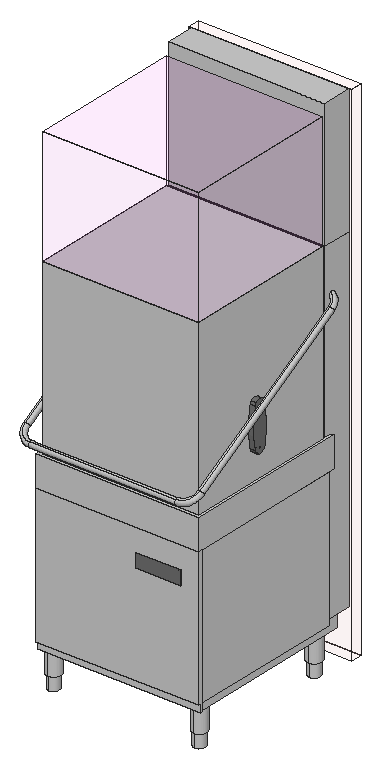
Revit family "UX-120V_GENERADO", category Equipos especializados, Revit 2016
Family settings
  Tipo de pieza = Normal
  Cota de conector redondo = Diámetro de uso
  Número OmniClass = 23.21.21.19.11
  Se basa en plano de trabajo = No
  Siempre vertical = Sí
  Corte con vacíos al cargar = No
  Compartido = No
  Punto de cálculo de habitación = No
Parameters (values of type "Dishwasher UX-120BCV 220/60/3 DD")
  Width = 650 mm
  Weight in Pounds = 302
  Watts = 10000 W
  Volts = 0 V
  URL Cutsheet = "http://www.sammic.com/dl/462941/677f4/ps-en-1303373-pass-through-dishwashers-ux-120cv.pdf"
  URL = "https://www.sammic.com/model/1303373"
  Specification by Manufacturer = "Sani-Control: guaranteed disinfection\nExclusive Hydroblade™ washing arms: maximum effectiveness.\n3-stage filtering system.\nSteam condenser: environmental improvement and energy efficiency."
  Show Logo [instance] = yes
  Show Clearances [instance] = yes
  Revision Code = "1"
  Phase = 0
  Modelo = "1303373"
  Height = 2035 mm
  HP = "13.41"
  Foodservice Equipment Identifier = yes
  Fabricante = "SAMMIC S.L."
  FL Amps = 0 A
  Descripción = "Dishwasher UX-120BCV 220/60/3 DD"
  Depth = 755 mm
  Cycle = 0 Hz
  Comentarios de tipo = "Rack size 500x500mm and door clearance 430 mm."
  Cold Water Size = 19.05 mm
  Cold Water Minimum Pressure = 0.0 Pa
  Cold Water Maximum Pressure = 0.4 Pa
  Cold Water Consumption = ""
Types (18, lengths in mm): name | Width | Weight in Pounds | Watts | Volts | URL Cutsheet | URL | Specification by Manufacturer | Phase | Modelo | Height | HP | Fabricante | FL Amps | Descripción | Depth | Cycle | Comentarios de tipo | Cold Water Size | Cold Water Minimum Pressure | Cold Water Consumption
  (no name) | 0 | 0 | 0 W | 0 V | "" | 0 | "" | 0 | 0 | 0 | "" | 0 | 0 A | 0 | 0 | 0 Hz | 0 | 0 | 0.0 Pa | ""
  Dishwasher UX-120BV 220/60/3  DD | 650 | 275.6 | 10000 W | 220 V | "http://www.sammic.com/dl/462937/f4adc/ps-en-1303368-pass-through-dishwashers-ux-120v.pdf" | "https://www.sammic.com/model/1303368" | "Sani-Control: guaranteed disinfection\nExclusive Hydroblade™ washing arms: maximum effectiveness.\n3-stage filtering system.\nSteam condenser: environmental improvement and energy efficiency." | 3 | "1303368" | 2035 | "13.41" | "SAMMIC S.L." | 29 A | "Dishwasher UX-120BV 220/60/3  DD" | 755 | 60 Hz | "Rack size 500x500mm and door clearance 430 mm.\n\nELECTRICAL DATA:\n\n380V/60Hz/3N~ (16A)" | 19.05 | 0.25 Pa | "2.8"
  Dishwasher UX-120BV 400/50/3N DD | 650 | 277.8 | 10000 W | 400 V | "http://www.sammic.com/dl/462935/92f87/ps-en-1303366-pass-through-dishwashers-ux-120v-uk.pdf" | "https://www.sammic.com/model/1303366" | "Sani-Control: guaranteed disinfection\nExclusive Hydroblade™ washing arms: maximum effectiveness.\n3-stage filtering system.\nSteam condenser: environmental improvement and energy efficiency." | 3 | "1303366" | 2035 | "13.41" | "SAMMIC S.L." | 16 A | "Dishwasher UX-120BV 400/50/3N DD" | 755 | 50 Hz | "Rack size 500x500mm and door clearance 430 mm.\n\nELECTRICAL DATA:\n\n230V/50Hz/3~ (27A)" | 19.05 | 0.25 Pa | "2.8"
  Dishwasher UX-120BV 230/50/1 DD | 650 | 277.8 | 8500 W | 230 V | "http://www.sammic.com/dl/462936/dd783/ps-en-1303367-pass-through-dishwashers-ux-120v-uk.pdf" | "https://www.sammic.com/model/1303367" | "Sani-Control: guaranteed disinfection\nExclusive Hydroblade™ washing arms: maximum effectiveness.\n3-stage filtering system.\nSteam condenser: environmental improvement and energy efficiency." | 1 | "1303367" | 2035 | "11.4" | "SAMMIC S.L." | 38.6 A | "Dishwasher UX-120BV 230/50/1 DD" | 755 | 50 Hz | "Rack size 500x500mm and door clearance 430 mm.\n\nELECTRICAL DATA:\n\n230V/50Hz/3~ (24A)\n400V/50Hz/3N~ (14A)" | 19.05 | 0.25 Pa | "2.8"
  Dishwasher UX-120BCV 220/60/3 DD | 650 | 302 | 10000 W | 0 V | "http://www.sammic.com/dl/462941/677f4/ps-en-1303373-pass-through-dishwashers-ux-120cv.pdf" | "https://www.sammic.com/model/1303373" | "Sani-Control: guaranteed disinfection\nExclusive Hydroblade™ washing arms: maximum effectiveness.\n3-stage filtering system.\nSteam condenser: environmental improvement and energy efficiency." | 0 | "1303373" | 2035 | "13.41" | "SAMMIC S.L." | 0 A | "Dishwasher UX-120BCV 220/60/3 DD" | 755 | 0 Hz | "Rack size 500x500mm and door clearance 430 mm." | 19.05 | 0.0 Pa | ""
  Dishwasher UX-120BCDV 220/60/3 DD | 650 | 304.2 | 10000 W | 0 V | "http://www.sammic.com/dl/462945/1ef44/ps-en-1303378-pass-through-dishwashers-ux-120cv.pdf" | "https://www.sammic.com/model/1303378" | "Sani-Control: guaranteed disinfection\nExclusive Hydroblade™ washing arms: maximum effectiveness.\n3-stage filtering system.\nSteam condenser: environmental improvement and energy efficiency." | 0 | "1303378" | 2035 | "13.41" | "SAMMIC S.L." | 0 A | "Dishwasher UX-120BCDV 220/60/3 DD" | 755 | 0 Hz | "Rack size 500x500mm and door clearance 430 mm." | 19.05 | 0.0 Pa | ""
  Dishwasher UX-120BCV 400/50/3N DD | 650 | 302 | 10000 W | 400 V | "http://www.sammic.com/dl/462939/cfe89/ps-en-1303371-pass-through-dishwashers-ux-120cv-uk.pdf" | "https://www.sammic.com/model/1303371" | "Sani-Control: guaranteed disinfection\nExclusive Hydroblade™ washing arms: maximum effectiveness.\n3-stage filtering system.\nSteam condenser: environmental improvement and energy efficiency." | 3 | "1303371" | 2035 | "13.41" | "SAMMIC S.L." | 16 A | "Dishwasher UX-120BCV 400/50/3N DD" | 755 | 50 Hz | "Rack size 500x500mm and door clearance 430 mm\n\nELECTRICAL DATA:\n\n230V/50Hz/3~ (27A)" | 19.05 | 0.0 Pa | "2.8"
  Dishwasher UX-120BCV 230/50/1 DD | 650 | 302 | 8500 W | 230 V | "http://www.sammic.com/dl/462940/3ebb5/ps-en-1303372-pass-through-dishwashers-ux-120cv-uk.pdf" | "https://www.sammic.com/model/1303372" | "Sani-Control: guaranteed disinfection\nExclusive Hydroblade™ washing arms: maximum effectiveness.\n3-stage filtering system.\nSteam condenser: environmental improvement and energy efficiency." | 1 | "1303372" | 2035 | "11.4" | "SAMMIC S.L." | 38.6 A | "Dishwasher UX-120BCV 230/50/1 DD" | 755 | 50 Hz | "Rack size 500x500mm and door clearance 430 mm\n\nELECTRICAL DATA:\n\n230V/50Hz/3~ (24A)\n400V/50Hz/3N~ (14A)" | 19.05 | 0.0 Pa | "2.8"
  Dishwasher UX-120BCDV 400/50/3N DD | 650 | 304.2 | 10000 W | 400 V | "http://www.sammic.com/dl/462943/3f3fa/ps-en-1303376-pass-through-dishwashers-ux-120cv-uk.pdf" | "https://www.sammic.com/model/1303376" | "Sani-Control: guaranteed disinfection\nExclusive Hydroblade™ washing arms: maximum effectiveness.\n3-stage filtering system.\nSteam condenser: environmental improvement and energy efficiency." | 3 | "1303376" | 2035 | "13.41" | "SAMMIC S.L." | 16 A | "Dishwasher UX-120BCDV 400/50/3N DD" | 755 | 50 Hz | "Rack size 500x500mm and door clearance 430 mm\n\nELECTRICAL DATA:\n\n230V/50Hz/3~ (27A)" | 19.05 | 0.0 Pa | "2.8"
  Dishwasher UX-120BCDV 230/50/1 DD | 650 | 304.2 | 8500 W | 230 V | "http://www.sammic.com/dl/462944/f3d1f/ps-en-1303377-pass-through-dishwashers-ux-120cv-uk.pdf" | "https://www.sammic.com/model/1303377" | "Sani-Control: guaranteed disinfection\nExclusive Hydroblade™ washing arms: maximum effectiveness.\n3-stage filtering system.\nSteam condenser: environmental improvement and energy efficiency." | 1 | "1303377" | 2035 | "11.4" | "SAMMIC S.L." | 38.6 A | "Dishwasher UX-120BCDV 230/50/1 DD" | 755 | 50 Hz | "Rack size 500x500mm and door clearance 430 mm\n\nELECTRICAL DATA:\n\n230V/50Hz/3~ (24A)\n400V/50Hz/3N~ (14A)" | 19.05 | 0.0 Pa | "2.8"
  Dishwasher UX-120SBV 400/50/3N DD | 650 | 330.7 | 10000 W | 400 V | "http://www.sammic.com/dl/462961/b1ed9/ps-en-1303411-hood-type-dishwasher-ux-120v-iso-uk.pdf" | "https://www.sammic.com/model/1303411" | "Sani-Control: guaranteed disinfection\nDouble-walled hood: insulation and energy efficiency\nExclusive Hydroblade™ washing arms: maximum effectiveness.\n3-stage filtering system.\nSteam condenser: environmental improvement and energy efficiency." | 3 | "1303411" | 2035 | "13.41" | "SAMMIC S.L." | 16 A | "Dishwasher UX-120SBV 400/50/3N DD" | 755 | 50 Hz | "Rack size 500x500mm and door clearance 430 mm. Double-skinned hood.\n\nELECTRICAL DATA:\n\n230V/50Hz/3~ (27A)" | 19.05 | 0.25 Pa | "3"
  Dishwasher UX-120SBV 230/50/1 DD | 650 | 330.7 | 8500 W | 230 V | "http://www.sammic.com/dl/462962/bf237/ps-en-1303412-hood-type-dishwasher-ux-120v-iso-uk.pdf" | "https://www.sammic.com/model/1303412" | "Sani-Control: guaranteed disinfection\nDouble-walled hood: insulation and energy efficiency\nExclusive Hydroblade™ washing arms: maximum effectiveness.\n3-stage filtering system.\nSteam condenser: environmental improvement and energy efficiency." | 1 | "1303412" | 2035 | "11.4" | "SAMMIC S.L." | 38.6 A | "Dishwasher UX-120SBV 230/50/1 DD" | 755 | 50 Hz | "Rack size 500x500mm and door clearance 430 mm. Double-skinned hood.\n\nELECTRICAL DATA:\n\n230V/50Hz/3~ (24A)\n400V/50Hz/3N~ (14A)" | 19.05 | 0.25 Pa | "3"
  Dishwasher UX-120SBCV 220/60/3 DD | 650 | 350.5 | 10000 W | 220 V | "http://www.sammic.com/dl/462966/464ca/ps-en-1303418-pass-through-dishwashers-us-120cv-iso.pdf" | "https://www.sammic.com/model/1303418" | "Sani-Control: guaranteed disinfection\nDouble-walled hood: insulation and energy efficiency\nExclusive Hydroblade™ washing arms: maximum effectiveness.\n3-stage filtering system.\nSteam condenser: environmental improvement and energy efficiency." | 3 | "1303418" | 2035 | "13.41" | "SAMMIC S.L." | 28 A | "Dishwasher UX-120SBCV 220/60/3 DD" | 755 | 60 Hz | "Rack size 500x500mm and door clearance 430 mm. Double-skinned hood.\n\nELECTRICAL DATA:\n\n380V/60Hz/3N~ (16A)" | 19.05 | 0.0 Pa | "2.8"
  Dishwasher UX-120SBCDV 220/60/3 DD | 650 | 354.9 | 10000 W | 0 V | "http://www.sammic.com/dl/462970/615a1/ps-en-1303423-pass-through-dishwashers-us-120cv-iso.pdf" | "https://www.sammic.com/model/1303423" | "Sani-Control: guaranteed disinfection\nDouble-walled hood: insulation and energy efficiency\nExclusive Hydroblade™ washing arms: maximum effectiveness.\n3-stage filtering system.\nSteam condenser: environmental improvement and energy efficiency." | 0 | "1303423" | 2035 | "13.41" | "SAMMIC S.L." | 0 A | "Dishwasher UX-120SBCDV 220/60/3 DD" | 755 | 0 Hz | "Rack size 500x500mm and door clearance 430 mm. Double-skinned hood." | 19.05 | 0.0 Pa | "2.8"
  Dishwasher UX-120SBCV 400/50/3N DD | 650 | 350.5 | 10000 W | 400 V | "http://www.sammic.com/dl/462964/eae9c/ps-en-1303416-hood-type-dishwasher-ux-120-cv-iso-uk.pdf" | "https://www.sammic.com/model/1303416" | "Sani-Control: guaranteed disinfection\nDouble-walled hood: insulation and energy efficiency\nExclusive Hydroblade™ washing arms: maximum effectiveness.\n3-stage filtering system.\nSteam condenser: environmental improvement and energy efficiency." | 3 | "1303416" | 2035 | "13.41" | "SAMMIC S.L." | 16 A | "Dishwasher UX-120SBCV 400/50/3N DD" | 755 | 50 Hz | "Rack size 500x500mm and door clearance 440 mm. Double-skinned hood.\n\nELECTRICAL DATA:\n\n230V/50Hz/3~ (27A)" | 19.05 | 0.0 Pa | "2.8"
  Dishwasher UX-120SBCV 230/50/1 DD | 650 | 350.5 | 8500 W | 230 V | "http://www.sammic.com/dl/462965/97279/ps-en-1303417-hood-type-dishwasher-ux-120-cv-iso-uk.pdf" | "https://www.sammic.com/model/1303417" | "Sani-Control: guaranteed disinfection\nDouble-walled hood: insulation and energy efficiency\nExclusive Hydroblade™ washing arms: maximum effectiveness.\n3-stage filtering system.\nSteam condenser: environmental improvement and energy efficiency." | 1 | "1303417" | 2035 | "11.4" | "SAMMIC S.L." | 38.6 A | "Dishwasher UX-120SBCV 230/50/1 DD" | 755 | 50 Hz | "Rack size 500x500mm and door clearance 440 mm. Double-skinned hood.\n\nELECTRICAL DATA:\n\n230V/50Hz/3~ (24A)\n400V/50Hz/3N~ (14A)" | 19.05 | 0.0 Pa | "2.8"
  Dishwasher UX-120SBCDV 400/50/3N DD | 650 | 354.9 | 1000 W | 400 V | "http://www.sammic.com/dl/462968/e2b2b/ps-en-1303421-hood-type-dishwasher-ux-120-cv-iso-uk.pdf" | "https://www.sammic.com/model/1303421" | "Sani-Control: guaranteed disinfection\nDouble-walled hood: insulation and energy efficiency\nExclusive Hydroblade™ washing arms: maximum effectiveness.\n3-stage filtering system.\nSteam condenser: environmental improvement and energy efficiency." | 3 | "1303421" | 2035 | "1.34" | "SAMMIC S.L." | 16 A | "Dishwasher UX-120SBCDV 400/50/3N DD" | 755 | 50 Hz | "Rack size 500x500mm and door clearance 440 mm. Double-skinned hood." | 19.05 | 0.0 Pa | "2.8"
  Dishwasher UX-120SBCDV 230/50/1 DD | 650 | 354.9 | 9000 W | 0 V | "http://www.sammic.com/dl/462969/ac965/ps-en-1303422-hood-type-dishwasher-ux-120-cv-iso-uk.pdf" | "https://www.sammic.com/model/1303422" | "Sani-Control: guaranteed disinfection\nDouble-walled hood: insulation and energy efficiency\nExclusive Hydroblade™ washing arms: maximum effectiveness.\n3-stage filtering system.\nSteam condenser: environmental improvement and energy efficiency." | 0 | "1303422" | 2035 | "12.07" | "SAMMIC S.L." | 0 A | "Dishwasher UX-120SBCDV 230/50/1 DD" | 755 | 0 Hz | "Rack size 500x500mm and door clearance 440 mm. Double-skinned hood." | 19.05 | 0.0 Pa | "2.8"
Values of the unnamed type that differ from the named types
  Revision Code = ""
  Cold Water Maximum Pressure = 0.0 Pa
Reference planes
  plane 1 "Centro (Frontal/Posterior)": y = 0
  plane 2: z = 0
  plane 3 "Centro (Izquierda/Derecha)": x = 0
  plane 4: y = 50
  plane 5: x = -34.29
  plane 6: x = 684.941
  plane 7: y = -841.256
Forms (mm)
  Revolve 1, solid
    sketch origin (28.5, 16.526, 0) x (0, 1, 0) y (0, 0, 1)
      loop
        line (-756, 144.015) -> (-756, 55) -> (-750, 55) -> (-750, 0) -> (-727.5, 0) -> (-727.5, 144.015) -> (-756, 144.015)
      axis (-727.5, 144.015) -> (-727.5, 0)
    angle from 0 to 360
  Revolve 2, solid
    sketch origin (611.5, 16.526, 0) x (0, 1, 0) y (0, 0, 1)
      loop
        line (-756, 144.015) -> (-756, 55) -> (-750, 55) -> (-750, 0) -> (-727.5, 0) -> (-727.5, 144.015) -> (-756, 144.015)
      axis (-727.5, 144.015) -> (-727.5, 0)
    angle from 0 to 360
  Revolve 3, solid
    sketch origin (611.5, 590.526, 0) x (0, 1, 0) y (0, 0, 1)
      loop
        line (-756, 144.015) -> (-756, 55) -> (-750, 55) -> (-750, 0) -> (-727.5, 0) -> (-727.5, 144.015) -> (-756, 144.015)
      axis (-727.5, 144.015) -> (-727.5, 0)
    angle from 0 to 360
  Revolve 4, solid
    sketch origin (28.5, 590.526, 0) x (0, 1, 0) y (0, 0, 1)
      loop
        line (-756, 144.015) -> (-756, 55) -> (-750, 55) -> (-750, 0) -> (-727.5, 0) -> (-727.5, 144.015) -> (-756, 144.015)
      axis (-727.5, 144.015) -> (-727.5, 0)
    angle from 0 to 360
  Extrusion 5, solid
    sketch origin (0, 16.526, 0) x (0, 1, 0) y (0, 0, 1)
      loop
        line (-103.026, 727.25) -> (-103.026, 849.25) -> (-779.026, 849.25) -> (-779.026, 727.25) -> (-103.026, 727.25)
    from 0 to 651
  Extrusion 6, solid
    sketch origin (0, 16.526, 0) x (0, 1, 0) y (0, 0, 1)
      loop
        line (-779.026, 727.25) -> (-779.026, 178.25) -> (-769.026, 178.25) -> (-769.026, 147) -> (-765.526, 147) -> (-765.526, 727.25) -> (-779.026, 727.25)
    from 0 to 651
  Extrusion 7, solid
    sketch origin (0, 16.526, 0) x (0, 1, 0) y (0, 0, 1)
      loop
        line (-132.525, 727.25) -> (-765.526, 727.25) -> (-765.526, 179.26) -> (-132.525, 179.26) -> (-132.525, 727.25)
    from 0 to 651
  Extrusion 8, solid
    sketch origin (0, 16.526, 0) x (0, 1, 0) y (0, 0, 1)
      loop
        line (-765.526, 179.26) -> (-765.526, 147) -> (-79.526, 147) -> (-79.526, 192.5) -> (-132.525, 192.5) -> (-132.525, 179.26) -> (-765.526, 179.26)
    from 8 to 643
  Extrusion 9, solid
    sketch origin (0, 16.526, 0) x (0, 1, 0) y (0, 0, 1)
      loop
        line (-134.526, 1536.25) -> (-134.526, 850.571) -> (-103.026, 850.571) -> (-103.026, 727.25) -> (-130.516, 727.25) -> (-130.516, 192.5) -> (-16.526, 192.5) -> (-16.526, 1536.25) -> (-134.526, 1536.25)
    from 13 to 638
  Extrusion 10, solid
    sketch origin (0, 16.526, -465.75) x (0, 1, 0) y (0, 0, 1)
      loop
        line (-764.038, 2002) -> (-764.038, 1315) -> (-144.788, 1315) -> (-144.788, 2002) -> (-764.038, 2002)
    from 13 to 638
  Extrusion 11, solid
    sketch origin (0, 16.526, -465.75) x (0, 1, 0) y (0, 0, 1)
      loop
        circle (-489.038, 1446) r 5.602
      loop
        arc (-510.957, 1441.27) -> (-489.038, 1423.577) -> (-467.12, 1441.27) r 22.423
        arc (-467.12, 1441.27) -> (-458.742, 1511.223) -> (-463.491, 1581.515) r 377.985
        arc (-463.491, 1581.515) -> (-465.181, 1591.146) -> (-467.12, 1600.73) r 377.985
        arc (-467.12, 1600.73) -> (-483.472, 1617.721) -> (-505.98, 1610.689) r 22.423
        arc (-505.98, 1610.689) -> (-509.096, 1606.023) -> (-510.957, 1600.73) r 22.423
        arc (-510.957, 1600.73) -> (-519.461, 1521) -> (-510.957, 1441.27) r 377.985
      loop
        arc (-482.996, 1595.762) -> (-485.917, 1601.727) -> (-492.554, 1601.47) r 6.088
        arc (-492.554, 1601.47) -> (-492.16, 1591.273) -> (-482.996, 1595.762) r 6.088
    from -12 to 13
  Extrusion 12, solid
    sketch origin (674, 16.526, -465.75) x (0, 1, 0) y (0, 0, 1)
      loop
        circle (-489.038, 1446) r 5.602
      loop
        arc (-510.957, 1441.27) -> (-489.038, 1423.577) -> (-467.12, 1441.27) r 22.423
        arc (-467.12, 1441.27) -> (-458.742, 1511.223) -> (-463.491, 1581.515) r 377.985
        arc (-463.491, 1581.515) -> (-465.181, 1591.146) -> (-467.12, 1600.73) r 377.985
        arc (-467.12, 1600.73) -> (-483.472, 1617.721) -> (-505.98, 1610.689) r 22.423
        arc (-505.98, 1610.689) -> (-509.096, 1606.023) -> (-510.957, 1600.73) r 22.423
        arc (-510.957, 1600.73) -> (-519.461, 1521) -> (-510.957, 1441.27) r 377.985
      loop
        arc (-482.996, 1595.762) -> (-485.917, 1601.727) -> (-492.554, 1601.47) r 6.088
        arc (-492.554, 1601.47) -> (-492.16, 1591.273) -> (-482.996, 1595.762) r 6.088
    from -36 to -11
  Extrusion 13, solid
    sketch origin (0, 16.526, 0) x (1, 0, 0) y (0, 0, 1)
      loop
        line (397.389, 582.168) -> (579.09, 582.168) -> (579.09, 636.768) -> (397.389, 636.768) -> (397.389, 582.168)
    from 779.026 to 780.026
  Sweep 14, solid
    path in 3D
      loop
        arc (33, -72.723, 1359.711) -> (-14.376, -89.752, 1349.958) -> (-34, -130.863, 1326.414) r 67
        line (-34, -130.863, 1326.414) -> (-34, -781.688, 953.683)
        arc (-34, -781.688, 953.683) -> (-14.376, -822.799, 930.138) -> (33, -839.828, 920.386) r 67
        line (33, -839.828, 920.386) -> (618, -839.828, 920.386)
        arc (618, -839.828, 920.386) -> (665.376, -822.799, 930.138) -> (685, -781.688, 953.683) r 67
        line (685, -781.688, 953.683) -> (685, -130.863, 1326.414)
        arc (685, -130.863, 1326.414) -> (665.376, -89.752, 1349.958) -> (618, -72.723, 1359.711) r 67
        line (618, -72.723, 1359.711) -> (33, -72.723, 1359.711)
    profile origin (325.5, -72.723, 1359.711) x (0, 0, -1) y (0, -1, 0)
      loop
        circle (5.467, 9.545) r 11
  Extrusion 15, solid
    sketch origin (0, 16.526, 221.25) x (0, 1, 0) y (0, 0, 1)
      loop
        line (-764.038, 1780.75) -> (-764.038, 1315) -> (-144.788, 1315) -> (-144.788, 1780.75) -> (-764.038, 1780.75)
    from 13 to 638
  Extrusion 16, solid
    sketch origin (0, 0, 0) x (0, 1, 0) y (0, 0, 1)
      loop
        line (0, 2046.25) -> (0, 0) -> (50, 0) -> (50, 2046.25) -> (0, 2046.25)
    from 0 to 651
  Extrusion 17, void
    sketch origin (0, 0, 0) x (1, 0, 0) y (0, 0, 1)
      loop
        line (641, 147) -> (641, 192.5) -> (10, 192.5) -> (10, 147) -> (641, 147)
    from 63 to 108.355
  Extrusion 18, solid
    sketch origin (0, 0, 0) x (1, 0, 0) y (0, 0, 1)
      loop
        circle (262.009, 172) r 15
      loop
        circle (312.009, 172) r 15
    from 88.355 to 108.355
  Extrusion 19, solid
    sketch origin (0, 0, 0) x (1, 0, 0) y (0, 0, 1)
      loop
        circle (485.009, 169) r 15
    from 78.355 to 108.355
  Extrusion 20, solid
    sketch origin (0, 0, 0) x (0, 1, 0) y (0, 0, 1)
      loop
        line (-118, 1536.25) -> (0, 1536.25) -> (0, 2046.25) -> (-118, 2046.25) -> (-118, 1536.25)
    from 13 to 638
Cuts and joins
  Extrusion 17 cuts Extrusion 6
  Extrusion 17 cuts Extrusion 7
  Extrusion 17 cuts Extrusion 8
  Extrusion 17 cuts Extrusion 16
Lines and regions (mm)
  sketch lines
    curve 1: line (618, -72.723, 1359.711) -> (33, -72.723, 1359.711)
    curve 2: arc (33, -72.723, 1359.711) -> (-14.376, -89.752, 1349.958) -> (-34, -130.863, 1326.414) r 67
    curve 3: line (-34, -130.863, 1326.414) -> (-34, -781.688, 953.683)
    curve 4: arc (-34, -781.688, 953.683) -> (-14.376, -822.799, 930.138) -> (33, -839.828, 920.386) r 67
    curve 5: line (33, -839.828, 920.386) -> (618, -839.828, 920.386)
    curve 6: arc (618, -839.828, 920.386) -> (665.376, -822.799, 930.138) -> (685, -781.688, 953.683) r 67
    curve 7: line (685, -781.688, 953.683) -> (685, -130.863, 1326.414)
    curve 8: arc (685, -130.863, 1326.414) -> (665.376, -89.752, 1349.958) -> (618, -72.723, 1359.711) r 67
  symbolic lines, style "QF-Clearances"
    curve 9: line (0, 50, 0) -> (651, 50, 0)
  symbolic lines, style "200-EquipBorder-2D"
    curve 10: line (13, 0, 0) -> (638, 0, 0)
    curve 11: line (638, 0, 0) -> (638, -73.961, 0)
    curve 12: line (13, 0, 0) -> (13, -73.959, 0)
    curve 13: line (-34.29, -131.266, 0) -> (-34.29, -781.256, 0)
    curve 14: line (30.71, -841.256, 0) -> (619.941, -841.256, 0)
    curve 15: line (684.941, -781.256, 0) -> (684.941, -131.266, 0)
    curve 16: arc (13, -73.959, 0) -> (-20.941, -94.116, 0) -> (-34.29, -131.266, 0) r 58.368
    curve 17: arc (638, -73.961, 0) -> (671.708, -94.228, 0) -> (684.941, -131.266, 0) r 58.448
    curve 18: arc (30.71, -841.256, 0) -> (-13.571, -824.019, 0) -> (-34.29, -781.256, 0) r 65
    curve 19: arc (684.941, -781.256, 0) -> (664.222, -824.019, 0) -> (619.941, -841.256, 0) r 65
  symbolic lines, style "QF-Door-Drawer_Clearances"
    curve 20: line (13, -747.513, 0) -> (638, -747.513, 0)
    curve 21: line (13, -128.263, 0) -> (13, -747.513, 0)
    curve 22: line (638, -128.263, 0) -> (13, -128.263, 0)
    curve 23: line (638, -747.513, 0) -> (638, -128.263, 0)
Dimensions and locks
  aligned and locked: level to plane 2
Connectors
  piping at (262.009, -88.355, 172), diameter 30
    settings: on Extrusion 18, index 1, connector inside diameter 609.6 mm, connector length 0 mm, flow factor 0, pipe flow 0.0 L/s, pressure drop 0.0 Pa, fitting loss kfactor 0, connector angle 0.00°, fixture units 0, engagement length 0 mm, angle of deflection 0.00°, flow configuration 1, flow direction 1, fitting loss method 0, system type 20, joint type 0, gender type 0, connector reference index -1, connector utility 0, adjustable connector no, is connector primary yes, connector description "Conexion agua"
  piping at (312.009, -88.355, 172), diameter 30
    settings: on Extrusion 18, index 2, connector inside diameter 609.6 mm, connector length 0 mm, flow factor 0, pipe flow 0.0 L/s, pressure drop 0.0 Pa, fitting loss kfactor 0, connector angle 0.00°, fixture units 0, engagement length 0 mm, angle of deflection 0.00°, flow configuration 1, flow direction 2, fitting loss method 0, system type 16, joint type 0, gender type 0, connector reference index -1, connector utility 0, adjustable connector no, is connector primary no, connector description "Conexion agua"
  electrical at (485.009, -78.355, 169)
    settings: on Extrusion 19, index 3, voltage 230 V, apparent load 0 VA, apparent load phase1 0 VA, apparent load phase2 0 VA, apparent load phase3 0 VA, power factor 1, load classification "Otro", number of poles 1, system type 31, power factor state 1, is connector primary yes, connector utility no, sub classification motor no, connector description "Conexion electrica"
